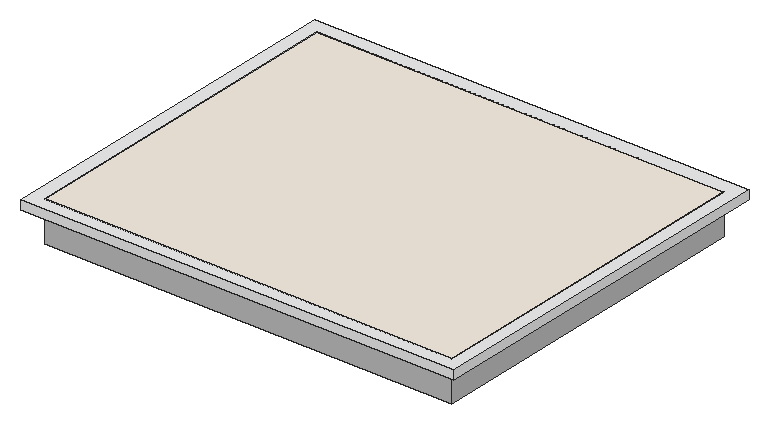
Revit family "Lighting-Industrial-GEWISS-ELIA-HL-LED_HIGHBAY", category Apparecchi per illuminazione, host Superficie, Revit 2019 (continued)
Types (12, lengths in mm): name | Weight (kg): | Weight (kg) | Voltage | Technical sheet | System power | Optic | built-in parameter 1150142 | Lumen output (lm) | Model | IDT | File diagramma fotometrico | Description
    405.80 4244.80 4088.00 3935.40 3782.80 3633.00 3487.40 \r\n3344.60 3204.60 3067.40 2934.40 2804.20 2676.24 2550.66 \r\n2429.42 2311.82 2198.14 2086.56 1974.70 1865.78 1763.02 \r\n1663.62 1564.92 1469.16 1378.30 1292.20 1211.00 1134.28 \r\n1061.62 993.02 927.78 865.90 807.52 752.36 700.42 650.72 \r\n602.14 555.10 510.16 466.76 424.62 384.72 348.46 314.02 \r\n280.17 248.14 219.58 193.05 167.38 143.43 121.87 102.05 \r\n83.24 66.28 51.70 39.35 29.28 21.38 15.68 11.84 9.49 8.77 \r\n8142.40 8142.40 8142.40 8145.20 8145.20 8148.00 8149.40 \r\n8152.20 8155.00 8159.20 8163.40 8167.60 8173.20 8180.20 \r\n8185.80 8192.80 8199.80 8208.20 8216.60 8225.00 8234.80 \r\n8243.20 8251.60 8260.00 8269.80 8278.20 8286.60 8295.00 \r\n8303.40 8311.80 8318.80 8327.20 8335.60 8344.00 8352.40 \r\n8362.20 8370.60 8380.40 8390.20 8400.00 8411.20 8421.00 \r\n8432.20 8444.80 8457.40 8468.60 8482.60 8496.60 8510.60 \r\n8524.60 8538.60 8552.60 8566.60 8577.80 8589.00 8601.60 \r\n8612.80 8621.20 8629.60 8638.00 8646.40 8652.00 8656.20 \r\n8661.80 8664.60 8666.00 8667.40 8667.40 8666.00 8663.20 \r\n8660.40 8654.80 8646.40 8636.60 8626.80 8615.60 8601.60 \r\n8586.20 8569.40 8549.80 8528.80 8506.40 8482.60 8457.40 \r\n8429.40 8398.60 8367.80 8334.20 8300.60 8264.20 8223.60 \r\n8181.60 8135.40 8078.00 8013.60 7938.00 7854.00 7758.80 \r\n7655.20 7541.80 7424.20 7308.00 7189.00 7067.20 6937.00 \r\n6794.20 6641.60 6483.40 6316.80 6144.60 5966.80 5783.40 \r\n5597.20 5416.60 5240.20 5068.00 4900.00 4733.40 4569.60 \r\n4407.20 4246.20 4089.40 3936.80 3782.80 3634.40 3488.80 \r\n3346.00 3204.60 3067.40 2934.40 2807.00 2677.22 2550.52 \r\n2427.46 2308.32 2193.80 2082.22 1970.64 1862.00 1759.52 \r\n1660.12 1561.56 1465.80 1375.08 1288.70 1207.78 1131.34 \r\n1058.96 990.36 925.40 863.80 805.70 750.68 698.74 649.04 \r\n600.74 553.98 509.18 465.92 423.64 383.60 347.62 313.46 \r\n279.38 247.21 218.61 192.11 166.57 142.79 121.34 101.61 \r\n82.92 66.05 51.58 39.30 29.29 21.41 15.67 11.79 9.45 8.76 \r\n8142.40 8142.40 8142.40 8145.20 8145.20 8148.00 8149.40 \r\n8152.20 8155.00 8159.20 8163.40 8167.60 8173.20 8178.80 \r\n8187.20 8192.80 8201.20 8208.20 8216.60 8226.40 8234.80 \r\n8243.20 8251.60 8260.00 8269.80 8278.20 8286.60 8295.00 \r\n8303.40 8311.80 8320.20 8327.20 8335.60 8344.00 8352.40 \r\n8360.80 8370.60 8379.00 8390.20 8400.00 8411.20 8421.00 \r\n8432.20 8444.80 8456.00 8470.00 8481.20 8496.60 8510.60 \r\n8524.60 8540.00 8554.00 8566.60 8579.20 8590.40 8603.00 \r\n8612.80 8622.60 8631.00 8638.00 8646.40 8652.00 8656.20 \r\n8661.80 8664.60 8666.00 8668.80 8667.40 8666.00 8663.20 \r\n8659.00 8653.40 8646.40 8636.60 8625.40 8614.20 8600.20 \r\n8584.80 8568.00 8548.40 8528.80 8505.00 8482.60 8454.60 \r\n8426.60 8398.60 8367.80 8334.20 8299.20 8264.20 8225.00 \r\n8183.00 8135.40 8078.00 8013.60 7939.40 7858.20 7761.60 \r\n7658.00 7541.80 7424.20 7306.60 7189.00 7067.20 6937.00 \r\n6794.20 6640.20 6482.00 6315.40 6146.00 5969.60 5784.80 \r\n5600.00 5418.00 5241.60 5068.00 4900.00 4734.80 4571.00 \r\n4407.20 4246.20 4090.80 3936.80 3785.60 3635.80 3490.20 \r\n3347.40 3204.60 3066.00 2935.80 2807.00 2678.06 2550.24 \r\n2425.50 2304.68 2189.60 2078.02 1966.58 1858.50 1756.02 \r\n1656.76 1558.34 1462.86 1371.86 1285.62 1204.84 1128.68 \r\n1056.44 987.98 923.02 861.70 803.88 749.14 697.34 647.50 \r\n599.34 552.86 508.20 465.08 422.66 382.76 346.78 312.90 \r\n278.68 246.34 217.67 191.20 165.79 142.17 120.83 101.21 \r\n82.63 65.83 51.44 39.23 29.29 21.44 15.66 11.74 9.40 8.74 \r\n8142.40 8142.40 8142.40 8145.20 8145.20 8148.00 8149.40 \r\n8152.20 8155.00 8159.20 8162.00 8167.60 8173.20 8178.80 \r\n8187.20 8192.80 8201.20 8209.60 8218.00 8226.40 8234.80 \r\n8243.20 8251.60 8261.40 8271.20 8279.60 8288.00 8296.40 \r\n8303.40 8311.80 8320.20 8327.20 8335.60 8344.00 8352.40 \r\n8360.80 8370.60 8379.00 8390.20 8400.00 8409.80 8421.00 \r\n8432.20 8443.40 8456.00 8468.60 8482.60 8496.60 8510.60 \r\n8526.00 8540.00 8554.00 8568.00 8579.20 8591.80 8603.00 \r\n8614.20 8622.60 8631.00 8639.40 8645.00 8653.40 8657.60 \r\n8661.80 8664.60 8666.00 8668.80 8667.40 8666.00 8663.20 \r\n8657.60 8652.00 8646.40 8636.60 8625.40 8611.40 8598.80 \r\n8583.40 8566.60 8548.40 8527.40 8505.00 8481.20 8454.60 \r\n8426.60 8397.20 8365.00 8332.80 8299.20 8262.80 8225.00 \r\n8184.40 8136.80 8079.40 8013.60 7940.80 7859.60 7763.00 \r\n7658.00 7543.20 7424.20 7308.00 7189.00 7065.80 6935.60 \r\n6791.40 6640.20 6479.20 6315.40 6146.00 5969.60 5787.60 \r\n5601.40 5419.40 5240.20 5069.40 4901.40 4734.80 4571.00 \r\n4407.20 4247.60 4092.20 3938.20 3787.00 3635.80 3490.20 \r\n3347.40 3204.60 3066.00 2937.20 2808.40 2678.62 2549.96 \r\n2423.68 2301.46 2185.96 2073.96 1963.08 1855.42 1752.94 \r\n1653.82 1555.54 1460.20 1369.06 1282.68 1202.18 1126.30 \r\n1054.20 985.88 921.06 859.88 802.34 747.74 695.80 646.24 \r\n598.08 551.88 507.36 464.38 421.96 381.78 346.08 312.34 \r\n278.05 245.55 216.83 190.37 165.09 141.61 120.37 100.84 \r\n82.35 65.65 51.32 39.17 29.27 21.46 15.65 11.69 9.36 8.73 \r\n8142.40 8142.40 8142.40 8145.20 8145.20 8148.00 8148.00 \r\n8150.80 8155.00 8159.20 8162.00 8167.60 8173.20 8178.80 \r\n8187.20 8192.80 8201.20 8209.60 8218.00 8226.40 8234.80 \r\n8243.20 8251.60 8262.80 8271.20 8279.60 8288.00 8296.40 \r\n8304.80 8311.80 8318.80 8327.20 8335.60 8344.00 8352.40 \r\n8360.80 8369.20 8380.40 8390.20 8400.00 8409.80 8421.00 \r\n8432.20 8443.40 8456.00 8468.60 8482.60 8496.60 8512.00 \r\n8526.00 8540.00 8554.00 8568.00 8579.20 8591.80 8603.00 \r\n8614.20 8622.60 8631.00 8639.40 8646.40 8652.00 8657.60 \r\n8661.80 8666.00 8666.00 8668.80 8667.40 8666.00 8663.20 \r\n8657.60 8652.00 8645.00 8635.20 8624.00 8611.40 8597.40 \r\n8583.40 8566.60 8547.00 8526.00 8505.00 8481.20 8454.60 \r\n8426.60 8395.80 8365.00 8332.80 8297.80 8262.80 8226.40 \r\n8184.40 8136.80 8079.40 8015.00 7942.20 7861.00 7764.40 \r\n7660.80 7544.60 7425.60 7308.00 7187.60 7065.80 6934.20 \r\n6790.00 6637.40 6477.80 6314.00 6146.00 5972.40 5787.60 \r\n5602.80 5419.40 5240.20 5069.40 4901.40 4736.20 4571.00 \r\n4408.60 4249.00 4092.20 3939.60 3788.40 3637.20 3491.60 \r\n3348.80 3206.00 3066.00 2937.20 2809.80 2679.18 2549.82 \r\n2422.14 2298.52 2182.60 2070.74 1960.00 1852.62 1750.42 \r\n1651.30 1553.16 1457.82 1366.68 1280.30 1199.94 1124.20 \r\n1052.10 983.92 919.38 858.34 800.94 746.48 694.68 644.98 \r\n597.10 550.90 506.66 463.82 421.26 381.08 345.52 311.92 \r\n277.51 244.87 216.12 189.67 164.50 141.13 119.98 100.52 \r\n82.11 65.49 51.20 39.10 29.26 21.48 15.64 11.64 9.32 8.71 \r\n8142.40 8142.40 8142.40 8145.20 8145.20 8148.00 8148.00 \r\n8150.80 8156.40 8159.20 8162.00 8167.60 8173.20 8178.80 \r\n8187.20 8192.80 8201.20 8209.60 8218.00 8226.40 8234.80 \r\n8243.20 8251.60 8262.80 8271.20 8279.60 8288.00 8296.40 \r\n8304.80 8313.20 8318.80 8327.20 8335.60 8344.00 8352.40 \r\n8360.80 8369.20 8380.40 8388.80 8400.00 8411.20 8419.60 \r\n8430.80 8444.80 8456.00 8470.00 8484.00 8498.00 8512.00 \r\n8526.00 8540.00 8554.00 8568.00 8579.20 8593.20 8604.40 \r\n8612.80 8624.00 8632.40 8638.00 8646.40 8652.00 8657.60 \r\n8663.20 8666.00 8666.00 8668.80 8666.00 8666.00 8663.20 \r\n8657.60 8652.00 8643.60 8635.20 8624.00 8610.00 8596.00 \r\n8582.00 8565.20 8545.60 8526.00 8503.60 8481.20 8453.20 \r\n8425.20 8394.40 8363.60 8330.00 8296.40 8262.80 8226.40 \r\n8184.40 8136.80 8080.80 8016.40 7943.60 7859.60 7767.20 \r\n7660.80 7546.00 7425.60 7308.00 7187.60 7064.40 6935.60 \r\n6790.00 6636.00 6476.40 6314.00 6146.00 5972.40 5790.40 \r\n5602.80 5420.80 5241.60 5070.80 4902.80 4734.80 4572.40 \r\n4410.00 4247.60 4093.60 3939.60 3788.40 3640.00 3491.60 \r\n3348.80 3206.00 3066.00 2937.20 2811.20 2679.60 2549.40 \r\n2420.88 2296.28 2179.80 2068.08 1957.48 1850.52 1748.60 \r\n1649.48 1551.20 1456.28 1365.00 1278.48 1198.12 1122.80 \r\n1050.56 982.52 918.12 857.08 799.96 745.64 693.84 644.00 \r\n596.40 550.20 506.24 463.40 420.84 380.52 344.96 311.64 \r\n277.09 244.36 215.54 189.11 164.02 140.76 119.67 100.27 \r\n81.93 65.35 51.13 39.06 29.23 21.48 15.63 11.61 9.28 8.71 \r\n" | "28000" | "GWF1000QM840" | "b31c86a2-4661-42eb-b880-df7f798bd210" | "GWF1000QM840.IES" | "ELIA HL L2 120° 4000K S.ALONE ON/OFF"
